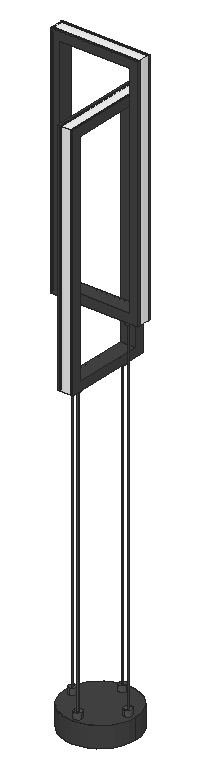
Revit family "AFX-Cole-LED_6_Pendant-", category Lighting Fixtures, host Face, Revit 2021
Family settings
  Host = Face
  Round Connector Dimension = Use Diameter
  Part Type = Normal
  Cut with Voids When Loaded = No
  Light Source = Yes
  Shared = No
  Room Calculation Point = No
Parameters (values of type "COLP06L30D1BK")
  Width = 6"
  Wattage Comments = "22"
  Wattage = 22 W
  built-in parameter 1150110 = 1 (stored number, unit not read)
  Voltage = 120 V
  URL = "https://www.afxinc.com/"
  Type Comments = "Cole"  # constant formula
  built-in parameter 1114217 = 1 (stored number, unit not read)
  Tilt Angle = 0.00°
  built-in parameter 1150109 = 1 (stored number, unit not read)
  built-in parameter 1150134 = (empty or 0)
  built-in parameter 1150113 = 1 (stored number, unit not read)
  Revit File Built By = "https://servex-us.com/servex-revit/"
  Product Documentation Link = "https://www.afxinc.com/products/productDetail.cfm?productID=1194"
  Photometric Web File = "COLP06L30D1xx_IES.IES"
  Model = "COLP06L30D1BK"
  Manufacturer = "AFX Inc"  # constant formula
  built-in parameter 1150105 = 340.93 (stored number, unit not read)
  Lumens = 3267.92 lm
  built-in parameter 1150115 = 1 (stored number, unit not read)
  built-in parameter 1150137 = (empty or 0)
  built-in parameter 1150139 = (empty or 0)
  Length = 6"
  built-in parameter 1150112 = 1 (stored number, unit not read)
  built-in parameter 1150114 = 1 (stored number, unit not read)
  L Cord [instance] = if(or(Cord Dist > 108", Cord Dist < 10"), 10", Cord Dist)  # 20"
  Keynote = "12500"  # constant formula
  built-in parameter 1150132 = (empty or 0)
  built-in parameter 1150102 = (empty or 0)
  built-in parameter 1150107 = 3000 (stored number, unit not read)
  built-in parameter 1150138 = (empty or 0)
  built-in parameter 1150106 = 3.4093 (stored number, unit not read)
  Height = 24"
  Frame Finish = AFX - Aluminum Black
  built-in parameter 1150104 = 13.8 (stored number, unit not read)
  Dimming Lamp Color Temperature Shift = <None>
  Diffuser Finish = AFX - White Acrylic
  Description = "Layered Contemporary LED pendant with extruded aluminum housing and 3 sided illumination Suspended by a 9 ft adjustable cable -  6\"L x 6\"W x 24\"H"
  Default Elevation = 48"
  Cord Finish = AFX - Plastic Black
  Colour Rendering Index = "90CRI"
  Color Filter = 16777215
  Cord Dist Range [instance] = if(L Cord > 108", "Not Range", "9 ft. (108 In) - Adjustable Cord")  # "9 ft. (108 In) - Adjustable Cord"
  Cord Dist [instance] = 20"
  Canopy Finish = AFX - Aluminum Black
  built-in parameter 1114218 = 1 (stored number, unit not read)
  built-in parameter 1150133 = 10 (stored number, unit not read)
  Assembly Code = "D5020200"
  Apparent Load = 0 VA
Reference planes (in)
  plane 1 "Center (Front/Back)": y = 0
  plane 2: z = 0
  plane 3 "Center (Left/Right)": x = 0
  plane 4: z = 1.3779
  plane 5: z = 21.3779
  plane 6: z = 28.82394
  plane 7: z = 25.32394
Forms (in)
  Revolve 1, solid, material "AFX - Plastic Black" <- "Cord Finish"
    sketch origin (-1.8711, 0, 0) x (0, 1, 0) y (0, 0, 1)
      loop
        line (0, 1.3779) -> (0.25664, 1.3779) -> (0.25664, 1.73223) -> (0.03906, 1.73223) -> (0.03906, 24.96961) -> (0.17851, 24.96961) -> (0.17851, 25.32394) -> (0, 25.32394) -> (0, 1.3779)
      axis (0, 25.32394) -> (0, 1.3779)
    angle from 0 to 360
  Revolve 2, solid, material "AFX - Plastic Black" <- "Cord Finish"
    sketch origin (1.8708, 0, 0) x (0, 1, 0) y (0, 0, -1)
      loop
        line (0, -1.3779) -> (0, -25.32394) -> (0.17935, -25.32394) -> (0.17935, -24.96961) -> (0.03906, -24.96961) -> (0.03906, -1.73223) -> (0.25664, -1.73223) -> (0.25664, -1.3779) -> (0, -1.3779)
      axis (0, -25.32394) -> (0, -1.3779)
    angle from 0 to 360
  Extrusion 3, solid, material "AFX - Aluminum Black" <- "Canopy Finish"
    sketch origin (0, 0, 0) x (1, 0, 0) y (0, 1, 0)
      loop
        circle (0, 0) r 2.375
    from 0 to 1.3779
  Revolve 4, solid, material "AFX - Plastic Black" <- "Cord Finish"
    sketch origin (0, -1.8711, 0) x (1, 0, 0) y (0, 0, -1)
      loop
        line (0, -1.3779) -> (0, -21.3779) -> (0.17851, -21.3779) -> (0.17851, -21.03261) -> (0.03906, -21.03261) -> (0.03906, -1.73223) -> (0.25664, -1.73223) -> (0.25664, -1.3779) -> (0, -1.3779)
      axis (0, -21.3779) -> (0, -1.3779)
    angle from 0 to 360
  Revolve 5, solid, material "AFX - Plastic Black" <- "Cord Finish"
    sketch origin (0, 1.8708, 0) x (1, 0, 0) y (0, 0, 1)
      loop
        line (0, 1.3779) -> (0.25664, 1.3779) -> (0.25664, 1.73223) -> (0.03906, 1.73223) -> (0.03906, 21.03261) -> (0.17851, 21.03261) -> (0.17851, 21.3779) -> (0, 21.3779) -> (0, 1.3779)
      axis (0, 21.3779) -> (0, 1.3779)
    angle from 0 to 360
  Sweep 6, solid, material "AFX - White Acrylic" <- "Diffuser Finish"
    path origin (0, 0, 0) x (1, 0, 0) y (0, 0, 1)
      loop
        line (-2.95094, 41.30816) -> (-2.95094, 25.32394) -> (2.95456, 25.32394) -> (2.95456, 41.30816) -> (-2.95094, 41.30816)
    profile origin (0.00181, 0, 41.30816) x (0, 0, 1) y (0, -1, 0)
      loop
        line (-0.11811, -0.30555) -> (-0.11811, -0.41354) -> (-0.05905, -0.41354) -> (-0.05905, -0.34942) -> (-0.01948, -0.34942)
        arc (-0.01948, -0.34942) -> (0, 0) -> (-0.01948, 0.34942) r 3.14353
        line (-0.01948, 0.34942) -> (-0.05905, 0.34942) -> (-0.05905, 0.41354) -> (-0.11811, 0.41354) -> (-0.11811, 0.30529) -> (-0.05409, 0.30529)
        arc (-0.05409, 0.30529) -> (-0.03818, -0.00013) -> (-0.05409, -0.30555) r 2.93956
        line (-0.05409, -0.30555) -> (-0.11811, -0.30555)
  Sweep 7, solid, material "AFX - Aluminum Black" <- "Frame Finish"
    path origin (0, 0, 0) x (1, 0, 0) y (0, 0, 1)
      loop
        line (-2.95094, 41.30816) -> (-2.95094, 25.32394) -> (2.95456, 25.32394) -> (2.95456, 41.30816) -> (-2.95094, 41.30816)
    profile origin (0.00181, 0, 41.30816) x (0, 0, 1) y (0, -1, 0)
      loop
        line (-0.00904, -0.36629) -> (-0.05628, -0.36629) -> (-0.05628, -0.43322) -> (-0.54053, -0.43322) -> (-0.54053, 0.43322) -> (-0.05628, 0.43322) -> (-0.05628, 0.36629) -> (-0.00904, 0.36629) -> (-0.00904, 0.49225) -> (-0.59959, 0.49225) -> (-0.59959, -0.49225) -> (-0.00904, -0.49225) -> (-0.00904, -0.36629)
  Sweep 8, solid, material "AFX - White Acrylic" <- "Diffuser Finish"
    path origin (0, 0, 0) x (0, 1, 0) y (0, 0, 1)
      loop
        line (2.95094, 37.36212) -> (-2.95455, 37.36212) -> (-2.95455, 21.3779) -> (2.95094, 21.3779) -> (2.95094, 37.36212)
    profile origin (0, -0.0018, 37.36212) x (0, 0, -1) y (1, 0, 0)
      loop
        line (0.11811, -0.30555) -> (0.05409, -0.30555)
        arc (0.05409, -0.30555) -> (0.03818, -0.00013) -> (0.05409, 0.30529) r 2.93956
        line (0.05409, 0.30529) -> (0.11811, 0.30529) -> (0.11811, 0.41354) -> (0.05905, 0.41354) -> (0.05905, 0.34942) -> (0.01948, 0.34942)
        arc (0.01948, 0.34942) -> (0, 0) -> (0.01948, -0.34942) r 3.14353
        line (0.01948, -0.34942) -> (0.05905, -0.34942) -> (0.05905, -0.41354) -> (0.11811, -0.41354) -> (0.11811, -0.30555)
  Sweep 9, solid, material "AFX - Aluminum Black" <- "Frame Finish"
    path origin (0, 0, 0) x (0, 1, 0) y (0, 0, 1)
      loop
        line (2.95094, 37.36212) -> (-2.95455, 37.36212) -> (-2.95455, 21.3779) -> (2.95094, 21.3779) -> (2.95094, 37.36212)
    profile origin (0, -0.0018, 37.36212) x (0, 0, -1) y (1, 0, 0)
      loop
        line (0.00904, -0.36606) -> (0.00904, -0.49202) -> (0.59959, -0.49202) -> (0.59959, 0.49223) -> (0.00904, 0.49223) -> (0.00904, 0.36627) -> (0.05628, 0.36627) -> (0.05628, 0.4332) -> (0.54053, 0.4332) -> (0.54053, -0.43299) -> (0.05628, -0.43299) -> (0.05628, -0.36606) -> (0.00904, -0.36606)
Lines and regions (in)
  symbolic lines, style "LightingFixtures"
    curve 1: arc (2.375, 0, 0) -> (0, 2.375, 0) -> (-2.375, 0, 0) r 2.375
    curve 2: arc (-2.375, 0, 0) -> (0, -2.375, 0) -> (2.375, 0, 0) r 2.375
  symbolic lines, style "GenericModelHiddenLines"
    curve 3: line (-0.49202, 2.32348, 0) -> (-0.49202, 2.94191, 0)
    curve 4: line (-0.49202, 2.94191, 0) -> (-0.36606, 2.94191, 0)
    curve 5: line (-0.36606, 2.94191, 0) -> (-0.36606, 2.34662, 0)
    curve 6: line (0.36627, 2.94191, 0) -> (0.49223, 2.94191, 0)
    curve 7: line (0.49223, 2.94191, 0) -> (0.49223, 2.32343, 0)
    curve 8: line (0.36627, 2.94191, 0) -> (0.36627, 2.34659, 0)
    curve 9: arc (-0.36606, 2.92956, 0) -> (0.00011, 2.95094, 0) -> (0.36627, 2.92953, 0) r 3.14353
  symbolic lines
    curve 10: arc (-2.92953, -0.36629, 0) -> (-2.95094, 0, 0) -> (-2.92953, 0.36629, 0) r 3.14353
    curve 11: arc (2.93314, -0.36629, 0) -> (2.95456, 0, 0) -> (2.93314, 0.36629, 0) r 3.14353
    curve 12: line (-2.32343, 0.49225, 0) -> (-2.94191, 0.49225, 0)
    curve 13: line (-2.94191, 0.49225, 0) -> (-2.94191, 0.36629, 0)
    curve 14: line (-2.94191, 0.36629, 0) -> (-2.34658, 0.36629, 0)
    curve 15: line (-2.34658, -0.36629, 0) -> (-2.94191, -0.36629, 0)
    curve 16: line (-2.94191, -0.36629, 0) -> (-2.94191, -0.49225, 0)
    curve 17: line (-2.94191, -0.49225, 0) -> (-2.32343, -0.49225, 0)
    curve 18: line (2.32343, 0.49225, 0) -> (2.94552, 0.49225, 0)
    curve 19: line (2.94552, 0.49225, 0) -> (2.94552, 0.36629, 0)
    curve 20: line (2.94552, 0.36629, 0) -> (2.34658, 0.36629, 0)
    curve 21: line (2.32343, -0.49225, 0) -> (2.94552, -0.49225, 0)
    curve 22: line (2.94552, -0.49225, 0) -> (2.94552, -0.36629, 0)
    curve 23: line (2.94552, -0.36629, 0) -> (2.34658, -0.36629, 0)
    curve 24: line (-0.49202, -2.32348, 0) -> (-0.49202, -2.94551, 0)
    curve 25: line (-0.49202, -2.94551, 0) -> (-0.36606, -2.94551, 0)
    curve 26: line (-0.36606, -2.94551, 0) -> (-0.36606, -2.34662, 0)
    curve 27: line (0.49223, -2.32343, 0) -> (0.49223, -2.94551, 0)
    curve 28: line (0.49223, -2.94551, 0) -> (0.36627, -2.94551, 0)
    curve 29: line (0.36627, -2.94551, 0) -> (0.36627, -2.34659, 0)
    curve 30: arc (-0.36606, -2.93317, 0) -> (0.00011, -2.95455, 0) -> (0.36627, -2.93314, 0) r 3.14353
  symbolic lines, style "LightingFixturesHiddenLines"
    curve 31: line (-0.49202, -2.32348, 0) -> (-0.49202, -0.49225, 0)
    curve 32: line (0.49223, -2.32343, 0) -> (0.49223, -0.49225, 0)
    curve 33: line (2.32343, -0.49225, 0) -> (-2.32343, -0.49225, 0)
    curve 34: line (-2.32343, 0.49225, 0) -> (2.32343, 0.49225, 0)
    curve 35: line (-0.49202, 0.49225, 0) -> (-0.49202, 2.32348, 0)
    curve 36: line (0.49223, 2.32343, 0) -> (0.49223, 0.49225, 0)
Dimensions and locks (in)
  locked: plane 2 to plane 4 at 1.3779
  Revolve 1 to plane 3 "Center (Left/Right)" to Revolve 2 = 1 223/256" locked, 1.8708" locked
  locked: Revolve 1 sketch curve to plane 7 at 0.35433
  plane 5 to plane 7 to plane 6 = 3.94604" locked, 3 1/2" locked
  locked: plane 5 to Revolve 5 sketch curve at 0.34529
  locked: Revolve 5 sketch curve to plane 4 at 0.35433
  locked: Revolve 2 sketch curve to plane 4 at 0.35433
  Revolve 2 sketch curve to Revolve 2 sketch curve to plane 1 "Center (Front/Back)" = 0.21757" locked, 5/128" locked
  Revolve 5 sketch curve to Revolve 5 sketch curve to plane 3 "Center (Left/Right)" = 0.21757" locked, 5/128" locked
  Revolve 4 sketch curve to Revolve 4 sketch curve to plane 3 "Center (Left/Right)" = 0.21757" locked, 5/128" locked
  locked: plane 5 to Revolve 4 sketch curve at 0.34529
  locked: Revolve 4 sketch curve to Revolve 4 sketch curve at 0.17851
  locked: plane 4 to Revolve 1 sketch curve at 0.35433
  Revolve 1 sketch curve to Revolve 1 sketch curve to plane 1 "Center (Front/Back)" = 0.21757" locked, 5/128" locked
  locked: Revolve 1 sketch curve to Revolve 1 sketch curve at 0.17851
  locked: Revolve 2 sketch curve to Revolve 2 sketch curve at 0.17935
  locked: Revolve 2 sketch curve to plane 7 at 0.35433
  locked: Sweep 6 sketch curve to plane 7 at 15.98422
  Sweep 6 sketch curve to plane 3 "Center (Left/Right)" to Sweep 6 sketch curve = 2.95456" locked, 2.95094" locked
  Sweep 6 sketch curve to Sweep 6 sketch curve to Sweep 6 sketch curve to profile plane to Sweep 6 sketch curve to Sweep 6 sketch curve to Sweep 6 sketch curve = 0.06412" locked, 0.04386" locked, 0.30555" locked, 0.30529" locked, 0.04412" locked, 0.06412" locked
  Sweep 7 sketch curve to plane 3 "Center (Left/Right)" to Sweep 7 sketch curve = 2.95456" locked, 2.95094" locked
  locked: Sweep 7 sketch curve to plane 7 at 15.98422
  Sweep 7 sketch curve to Sweep 7 sketch curve to Sweep 7 sketch curve to profile plane to Sweep 7 sketch curve to Sweep 7 sketch curve to Sweep 7 sketch curve = 0.05903" locked, 0.06693" locked, 0.36629" locked, 0.36629" locked, 0.06693" locked, 0.05903" locked
  profile plane to Sweep 7 sketch curve to Sweep 7 sketch curve to Sweep 7 sketch curve to Sweep 7 sketch curve = 0.00904" locked, 0.04724" locked, 0.48425" locked, 0.05905" locked
  Sweep 6 sketch curve to Sweep 6 sketch curve to profile plane = 0.05906" locked, 0.05905" locked
  Sweep 8 sketch curve to plane 1 "Center (Front/Back)" to Sweep 8 sketch curve = 2.95094" locked, 2.95455" locked
  locked: plane 5 to Sweep 8 sketch curve at 15.98422
  Sweep 8 sketch curve to Sweep 8 sketch curve to Sweep 8 sketch curve to Sweep 8 sketch curve to Sweep 8 sketch curve to Sweep 8 sketch curve = 0.06412" locked, 0.04386" locked, 0.61084", 0.04412" locked, 0.06412" locked
  profile plane to Sweep 8 sketch curve to Sweep 8 sketch curve = 0.05905" locked, 0.05906" locked
  Sweep 9 sketch curve to Sweep 9 sketch curve = 5.9055"
  locked: plane 5 to Sweep 9 sketch curve at 15.98422
  Sweep 9 sketch curve to plane 1 "Center (Front/Back)" to Sweep 9 sketch curve = 2.95094" locked, 2.95455" locked
  profile plane to Sweep 9 sketch curve to Sweep 9 sketch curve to Sweep 9 sketch curve to Sweep 9 sketch curve = 0.00904" locked, 0.04724" locked, 0.48425" locked, 0.05905" locked
  Sweep 9 sketch curve to Sweep 9 sketch curve to Sweep 9 sketch curve to profile plane to Sweep 9 sketch curve to Sweep 9 sketch curve to Sweep 9 sketch curve = 0.05903" locked, 0.06693" locked, 0.36627" locked, 0.36606" locked, 0.06693" locked, 0.05903" locked
  "L Cord": plane 4 to plane 5
  diameter of Extrusion 3 sketch curve = 4 3/4"
  aligned and locked: plane 2 to host face
  aligned and locked: level to host face
  aligned and locked: Extrusion 3 to plane 2
  aligned and locked: Extrusion 3 to plane 4
  aligned and locked: plane 3 "Center (Left/Right)" to imposter light
  aligned and locked: plane 1 "Center (Front/Back)" to imposter light
  aligned and locked: imposter light to plane 6
  aligned: curve 1 to Extrusion 3
  aligned and locked: curve 2 to Extrusion 3
  aligned and locked: plane 5 to Revolve 5 sketch curve
  aligned and locked: plane 3 "Center (Left/Right)" to Revolve 5 sketch curve
  aligned and locked: plane 4 to Revolve 5 sketch curve
  aligned and locked: Revolve 2 sketch curve to plane 4
  aligned and locked: plane 1 "Center (Front/Back)" to Revolve 2 sketch curve
  aligned and locked: plane 4 to Revolve 4 sketch curve
  aligned and locked: plane 3 "Center (Left/Right)" to Revolve 4 sketch curve
  aligned and locked: plane 5 to Revolve 4 sketch curve
  aligned and locked: Revolve 1 sketch curve to plane 4
  aligned and locked: plane 1 "Center (Front/Back)" to Revolve 1 sketch curve
  aligned and locked: Revolve 2 sketch curve to plane 7
  aligned and locked: Sweep 6 sketch curve to plane 7
  aligned and locked: Sweep 7 sketch curve to plane 7
  aligned and locked: Sweep 7 sketch curve to Sweep 7 sketch curve  (x2)
  aligned and locked: Sweep 6 sketch curve to Sweep 6 sketch curve  (x2)
  aligned and locked: Sweep 8 sketch curve to plane 5
  aligned and locked: Sweep 8 sketch curve to Sweep 8 sketch curve  (x2)
  aligned and locked: Sweep 9 sketch curve to plane 5
  aligned and locked: curve 9 to Sweep 8
  aligned and locked: curve 10 to Sweep 6
  aligned and locked: curve 11 to Sweep 6
  aligned and locked: curve 30 to Sweep 8
Automatic sketch dimensions
  host sketch curve to host sketch curve = 96"  (x2)
  Revolve 1 sketch curve to plane 1 "Center (Front/Back)" = 0"
  plane 7 to Revolve 1 sketch curve = 0"
  plane 6 to Revolve 1 sketch curve = 5.41279"
  Revolve 1 sketch curve to Revolve 1 sketch curve = 2 1/2"
  Revolve 2 sketch curve to plane 1 "Center (Front/Back)" = 0"
  plane 6 to Revolve 2 sketch curve = 7.91279"
  Revolve 2 sketch curve to Revolve 2 sketch curve = 2 1/2"
  plane 1 "Center (Front/Back)" to Extrusion 3 sketch curve = 0"
  Extrusion 3 sketch curve to plane 3 "Center (Left/Right)" = 0"
  Revolve 4 sketch curve to plane 3 "Center (Left/Right)" = 0"
  Revolve 4 sketch curve to plane 4 = 0.35433"
  plane 6 to Revolve 4 sketch curve = 7.91279"
  Revolve 4 sketch curve to Revolve 4 sketch curve = 2 1/2"
  Revolve 5 sketch curve to plane 3 "Center (Left/Right)" = 0"
  Revolve 5 sketch curve to Revolve 5 sketch curve = 0.17851"
  plane 6 to Revolve 5 sketch curve = 5.41279"
  Revolve 5 sketch curve to Revolve 5 sketch curve = 2 1/2"
  Sweep 6 sketch curve to profile plane = 0"
  Sweep 6 sketch curve to profile plane = 0.00013"
  Sweep 6 sketch curve to Sweep 6 sketch curve = 2.85963"
  Sweep 6 sketch curve to Sweep 6 sketch curve = 0.16579"
  Sweep 6 sketch curve to Sweep 6 sketch curve = 0.00496"
  profile plane to Sweep 6 sketch curve = 0.01948"
  Sweep 8 sketch curve to plane 3 "Center (Left/Right)" = 0"
  Sweep 8 sketch curve to Sweep 8 sketch curve = 0.00496"  (x2)
  Sweep 8 sketch curve to profile plane = 0.01948"  (x2)
  Sweep 8 sketch curve to Sweep 8 sketch curve = 2.85963"
  Sweep 8 sketch curve to Sweep 8 sketch curve = 0.16579"
  Sweep 9 sketch curve to profile plane = 0.00904"
  Sweep 9 sketch curve to profile plane = 0.05628"
  curve 16 to curve 2 = 0.56691"
  curve 13 to curve 1 = 0.56691"
  curve 3 to plane 3 "Center (Left/Right)" = 0.49202"
  curve 25 to plane 3 "Center (Left/Right)" = 0.49202"
  curve 24 to curve 25 = 0.12596"
  curve 3 to curve 5 = 0.12596"
  plane 3 "Center (Left/Right)" to curve 6 = 0.36627"
  plane 3 "Center (Left/Right)" to curve 28 = 0.36627"
  curve 6 to curve 7 = 0.12596"
  curve 28 to curve 27 = 0.12596"
  curve 2 to curve 22 = 0.57052"
  curve 1 to curve 19 = 0.57052"
  curve 27 to curve 29 = 0.59893"
  curve 25 to curve 26 = 0.59889"
  plane 1 "Center (Front/Back)" to curve 16 = 0.49225"
  plane 1 "Center (Front/Back)" to curve 22 = 0.49225"
  curve 21 to curve 22 = 0.12596"
  curve 16 to curve 16 = 0.12596"
  curve 19 to plane 1 "Center (Front/Back)" = 0.36629"
  curve 14 to plane 1 "Center (Front/Back)" = 0.36629"
  curve 13 to curve 13 = 0.12596"
  curve 19 to curve 18 = 0.12596"
  curve 5 to curve 4 = 0.59529"
  curve 8 to curve 6 = 0.59532"
  curve 15 to curve 10 = 0.01237"
  curve 13 to curve 10 = 0.01237"
  curve 34 to curve 12 = 0"
  curve 33 to curve 17 = 0"
  curve 31 to plane 3 "Center (Left/Right)" = 0.49202"
  curve 35 to curve 3 = 0"
  curve 9 to curve 4 = 0"
  curve 30 to curve 25 = 0"
  curve 30 to curve 28 = 0"
  curve 9 to curve 6 = 0"
  curve 32 to curve 27 = 0"
  curve 11 to curve 22 = 0.01237"
  curve 11 to curve 19 = 0.01237"
  curve 36 to curve 7 = 0"
Connectors (in)
  electrical at (0, 0, 0), driven by "Voltage", driven by "Apparent Load"
    settings: on Extrusion 3, index 1, voltage 120 V, apparent load 0 VA, apparent load phase1 0 VA, apparent load phase2 0 VA, apparent load phase3 0 VA, power factor 1, load classification "Lighting", number of poles 1, system type 31, power factor state 1, is connector primary yes, connector utility no, sub classification motor no, connector description ""
